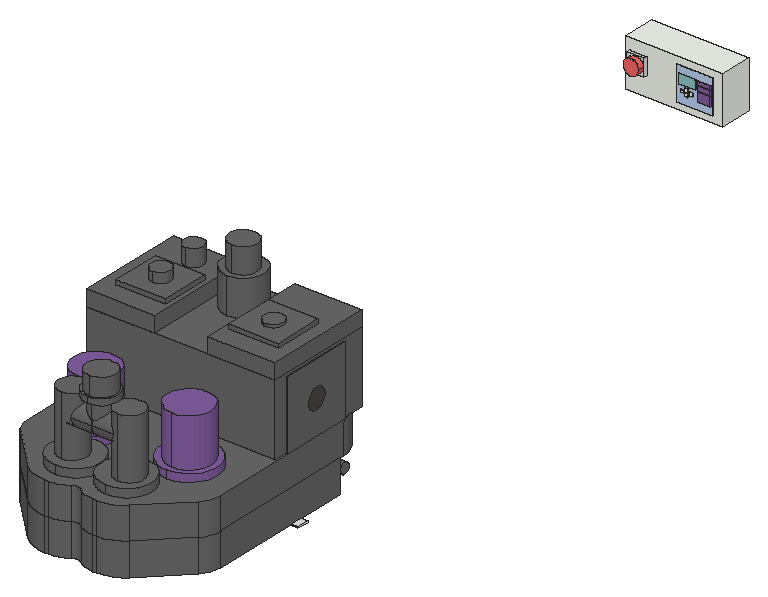
Revit family "11037", category Generic Models, Revit 2021
Family settings
  Can host rebar = No
  Round Connector Dimension = Use Diameter
  Part Type = Normal
  Work Plane-Based = No
  Always vertical = Yes
  Cut with Voids When Loaded = No
  Shared = Yes
  Room Calculation Point = No
Parameters (values of type "11037")
  SUPPLIER = "KESSEL"
  SA700ID49 = "Protection Class I"
  SA700ID48 = "no"
  SA700ID47 = "no"
  SA700ID46 = "yes"
  SA700ID37 = 16000 mm
  SA700ID34 = 47
  SA700ID33 = 3.2 W
  SA700ID32 = 97.13 kg
  SA700ID31 = 1
  SA700ID30 = 2
  SA700ID29 = "GLRD"
  SA700ID21 = 1600
  SA700ID10 = "yes"
  SA700ID08 = 400 V
  PROCUREWEBLINK = "https://p.caden.as/kessel/11037"
  PROCURELINK = "p.caden.as/kessel/11037"
  PROCUREDATALASTUPDATE = "2024-05-22T12:18:05.770128642+01:00"
  PREVIEW = "../../_pool_/61/62/11037.png"
  PRC_SPECIFICATIONLINK = "https://ausschreiben.de/catalog/kessel/catalogItem/79135bc2-da77-4fd2-ac0b-d2386241fa3b"
  NN = "Lifting station Aqualift F XL"
  NBSYN = "$SA810ID03."
  NB = "11037"
  Model = "11037"
  Manufacturer = "KESSEL"
  MIdent = "{$CADENAS_DATA/23d-libs/kessel/kessel_vdi_import/4/entwaesserung/hebeanlage20aqualift20f20xl.prj},201 {STYP=ASS},{VTYP=3D},{NB=11037},{LINA=11037},{NN=Lifting station Aqualift F XL},{DATE=21.11.2022 10:48:11},{GEOMDATE=21.11.2022 10:48:11},{VERSION=},{LINEID=120},{WBVAR=LODLEVEL},{WBNUMERIC=LODLEVEL}  {NB=11037},{LINA=11037},{KT=DUMMY},{PREVIEW=../../_pool_/61/62/11037.png},{SA700ID04=Hebeanlage Aqualift F XL 200 l, Duo, SPF 3000-S3},{SA810ID06=04026092057049},{SA700ID34=47.00},{SA010ID03=201805},{SA810ID03=11037},{SA810ID10=Die Hebeanlage für fäkalienhaltiges und fäkalienfreies Abwasser ist mit einer überflutbaren Pumpe sowie einem Rückflussverhinderer ausgestattet. Der Sammelbehälter aus dauerhaft beständigem Kunststoff (PE) bietet universale Anschlussmöglichkeiten und hat eine verschraubte Reinigungsöffnung.Die Steuerung erfolgt durch ein anwenderfreundliches Schaltgerät, das optional über einen potentialfreien Kontakt in die Gebäudeleittechnik eingebunden werden oder Alarm- und Sammelstörmeldungen über eine GSM-Schnittstelle (Comfort Schaltgerät) ausgeben kann.Ausführung:Absperreinrichtung: ohne SchieberAnlagenart: DoppelanlagePumpensteuerung: SchaltgerätRückflussverhinderer: integriertSchalldämmmatte: jaEinbausituation: freie AufstellungAbwasserart: fäkalienhaltigAllgemeine Merkmale:Farbe: schwarzNorm: EN 12050-1Abmessungen:Länge: 980 mmBreite: 760 mmHöhe: 788 mmBehälter/Grundkörper:Zulauf Anzahl: 1 STZulauf Nennweite (DN): 100 mmZulauf Nennweite (DA): 110 mmZulauf max. Anbohrung (DN): 200 mmAnschluss für Handmembranpumpe (DN): 32Behältervolumen: 200 lDruckabgang: senkrechtDruckabgang (DA): 110 mmDruckabgang (DN): 100 mmEntlüftungsanschluss (DN): 70 mmNutzvolumen: 120 lFördereinrichtung:Pumpe: SPF 3000Anzahl Pumpen: 2Förderhöhe max.: 16 mFörderleistung max.: 47 m3/hBetriebsart: S3 - 50 %Leistung P1: 3,2 kWLeistung P2: 2,7 kWDrehzahl: 2.845 U/minFörderguttemperatur (dauerhaft) max.: 40 °CAnschlusstyp: DirektanschlussGewicht: 24 kgLaufrad Typ: FreistromradLänge Netzanschlussleitung Pumpe: 5 mNennstrom: 5,4 ASchutzart Pumpe: IP 68 (3m/48h)Schutzklasse: ITyp Anschlussleitung Pumpe: H07RN-F 7G 1,5 mm2Temperaturüberwachung: integriertSteuerung:Schaltgerät: ComfortBetriebsspannung: 400 VNetzfrequenz: 50 HzSelbstdiagnosesystem (SDS): jaBatteriepufferung: jaMehrzeilige Displayanzeige: jaLogbuchfunktion: jaGSM-Schnittstelle: jaPotentialfreier Kontakt: jaErforderliche Absicherung (Leitungsschutz): 3 x C 20 AMotorschutz Schalter: jaSchutzart Schaltgerät: IP 54Länge Netzanschlussleitung Schaltgerät: 0 mArt Niveauerfassung: pneumatischInstrument Niveauerfassung: TauchrohrAlarmgeber: Tauchrohr},{SA700ID37=16.00},{SA700ID33=3.20},{SA700ID08=400},{SA700ID30=2},{SA700ID32=97.13},{SA700ID49=Schutzklasse I},{SA700ID50=intern},{SA200ID03=6},{SA250ID03=vertikal},{SA260ID03=Trockenläuferpumpe},{SA350ID03=normalansaugend},{SA400ID03=E-Motor für Drehstrom},{SA460ID03=direkt},{SA500ID03=Kunststoff, Edelstahl},{SA700ID06=100},{SA700ID07=100},{SA700ID09=3/N/PE 400V},{SA700ID10=Ja},{SA700ID11=50},{SA700ID12=IP 68},{SA700ID13=F},{SA700ID15=40},{SA700ID21=1600.00},{SA700ID22=2.70},{SA700ID23=2845},{SA700ID24=2845},{SA700ID26=5.40},{SA700ID27=41.00},{SA700ID28=durchgehend},{SA700ID29=GLRD},{SA700ID31=1},{SA700ID46=ja},{SA700ID47=nein},{SA700ID48=nein},{SA110ID04=Hebeanlage Aqualift F XL},{SA300ID03=einstufig},{SA700ID44=10.00},{SA700ID45=10.00},{SA010ID04=KESSEL AG},{LODLEVEL=200},{LINK=https://www.kessel.de/info?han=11037},{SA970ID01=970},{SA970ID02=7130},{SA970ID03=11037},{SA970ID04=11002617},{SA970ID05=QUAD},{SA970ID06=-410},{SA970ID07=-850},{SA970ID08=0},{SA970ID09=1},{SA970ID10=0},{SA970ID11=0},{SA970ID12=0},{SA970ID13=1},{SA970ID14=0},{SA970ID15=820},{SA970ID16=980},{SA970ID17=771},{LODLEVEL_=200,'Low'},{LODLEVEL_DEU=200,'Low'},{LINK_=https://www.kessel.de/info?han=11037},{LINK_DEU=https://www.kessel.de/info?han=11037},{LODLEVEL_3DB=11037_200},{DNIN1=100},{DNIN2=70},{DNIN4=10},{DNIN5=10},{DNIN6=50},{DNIN7=50},{DNIN8=50},{DNIN9=50},{DNOUT1=32},{DNOUT2=100},{DNOUT3=70},{ISD1=96},{ISD2=10},{ISDOUT1=40},{ISDOUT2=70},{ISDOUT3=65},{SA010ID01=010},{SA010ID02=4},{SA010ID06=www.kessel.de},{SA010ID07=www.kessel.de},{SA010ID12=20180713},{SA010ID13=DEU},{SA010ID14=DE},{SA100ID01=100},{SA100ID02=4},{SA100ID04=Entwässerung},{SA110ID01=110},{SA110ID02=6},{SA200ID01=200},{SA200ID02=6},{SA250ID01=250},{SA250ID02=2},{SA260ID01=260},{SA260ID02=2},{SA300ID01=300},{SA300ID02=1},{SA350ID01=350},{SA350ID02=1},{SA400ID01=400},{SA400ID02=2},{SA460ID01=460},{SA460ID02=1},{SA500ID01=500},{SA500ID02=1},{SA700ID01=700},{SA700ID02=50},{SA700ID10_=1},{SA700ID16=0},{SA700ID25=0},{SA700ID46_=1},{SA700ID47_=0},{SA700ID48_=0},{SA700ID49_=1},{SA700ID50_=2},{SA800ID01=800},{SA800ID02=14},{SA810ID01=810},{SA810ID02=50},{SA810ID04=11037},{SA810ID07=50},{SA810ID09=1},{SA810ID14=PCE},{SA810ID15=1},{SA810ID16=NMP},{SA960ID03=50},{SA960ID04=3L},{SA960ID08=https://www.kessel.de/info?han=11037},{SA010ID08=4026092000007},{SA100ID05=Hebeanlage},{SA110ID06=Hebeanlage}"
  LINK = "https://www.kessel.de/info?han=11037"
  LINA = "11037"
  Default Elevation = 0 mm
  CREATOR = "CADENAS GmbH"
  CATALOG = "KESSEL"
  BOMINFO = "LINA"
  ARTICLENO = "NB"
  4.810.00.9 Order quantity (multiplicator) = "1"
  4.810.00.7 Media- connection number = "50"
  4.810.00.6 GTIN number = "04026092057049"
  4.810.00.4 DATANORM number = "11037"
  4.810.00.3 Producer order number = "11037"
  4.710.03.7 Mass (net) = 97.13 kg
  4.710.03.6 Height = 788 mm
  4.710.03.5 Width = 760 mm
  4.710.03.4 Length = 980 mm
  4.710.03.3 Type of dimensions = "2"
  4.710.02.8 Area of application of wastewater pump = "1"
  4.710.02.7 Art des S2/S3-Betriebs = "50 %"
  4.710.02.6 Duty type = "S3"
  4.710.02.5 Cutting device = "0"
  4.710.02.4 Attached pump control = "1"
  4.710.02.3 Free passage = 40 mm
  4.710.01.6 Option to connect to building automation = "40"
  4.710.01.5 Load regulation = "0"
  4.710.01.4 Designation of closed-loop control = "120"
  4.710.01.3 Identifier for closed-loop control = "200"
  4.700.00.9 Voltage = 0
  4.700.00.8 Nominal connection size on suction side = "100"
  4.700.00.7 Nominal connection size on pressure side = "100"
  4.700.00.6 Type of connection = "100"
  4.700.00.4 Product indentification = "Hebeanlage Aqualift F XL 200 l, Duo, SPF 3000-S3"
  4.700.00.28 Motor pump shaft = "durchgehend"
  4.700.00.27 Starting current = 41
  4.700.00.26 Maximum power consumption per pump / drive = 5.4
  4.700.00.25 Minimum speed at internal speed adjustment = 0
  4.700.00.24 Nominal speed / maximum speed n = 47.4167
  4.700.00.23 Nominal speed of motor = 47.4167
  4.700.00.22 Maximum shaft output (P2) per pump/drive = 2.7 W
  4.700.00.16 Maximum temperature of pumped medium = 0 °C
  4.700.00.15 Increased safety class = "40 °C"
  4.700.00.13 Type of protection = "F"
  4.700.00.12 Frequency = 0
  4.700.00.11 Stern-/Dreieck-Anlaufschaltung bei Dreiphasenanschluss oder Drehstrom = "50 Hz"
  4.700.00.10 Phase = "1"
  4.500.00.3 Variant / Variant type / Accessories-name = "Kunststoff, Edelstahl"
  4.460.00.3 Variant / Variant type / Accessories-name = "direkt"
  4.400.00.3 Variant / Variant type / Accessories-name = "E-Motor für Drehstrom"
  4.350.00.3 Variant / Variant type / Accessories-name = "normalansaugend"
  4.300.00.3 Variant / Variant type / Accessories-name = "einstufig"
  4.260.00.3 Variant / Variant type / Accessories-name = "Trockenläuferpumpe"
  4.250.00.3 Variant / Variant type / Accessories-name = "vertikal"
  4.200.00.3 Variant / Variant type / Accessories-name = "6"
  4.110.00.6 Product classification = "Hebeanlage"
  4.110.00.4 Product indentification = "Hebeanlage Aqualift F XL"
  4.100.00.5 Main groups of wares = "Hebeanlage"
  4.100.00.4 Product indentification = "Entwässerung"
  4.010.00.8 Producer ID number = "4026092000007"
  4.010.00.7 Comment = "www.kessel.de"
  4.010.00.6 Web address of the manufacturer = "www.kessel.de"
  4.010.00.4 Manufacturer name = "KESSEL AG"
  4.010.00.3 Date of issuance (month) of guideline = "201805"
  4.010.00.2 Sheet number of the guideline = "4"
  4.010.00.14 Kennungen der Projektländer, für die die Datei gültig ist = "DE"
  4.010.00.13 Sprache der Datei = "DEU"
  4.010.00.12 Stand des Herstellerkatalogs = "20180713"
Reference planes
  plane 1 "Center (Front/Back)": y = 0
  plane 2: z = 0
  plane 3 "Center (Left/Right)": x = 0
Forms (mm)
  Extrusion 1, void
    sketch origin (380.5, -115, 392) x (0, -1, 0) y (0, 0, 1)
      loop
        line (-0.5, -0.5) -> (0.5, -0.5) -> (0.5, 0.5) -> (-0.5, 0.5) -> (-0.5, -0.5)
    from 0 to 1
  Extrusion 2, void
    sketch origin (160.15, 130.5, 392) x (1, 0, 0) y (0, 0, 1)
      loop
        line (-0.5, -0.5) -> (0.5, -0.5) -> (0.5, 0.5) -> (-0.5, 0.5) -> (-0.5, -0.5)
    from 0 to 1
  Extrusion 3, void
    sketch origin (-161, 130.5, 392) x (1, 0, 0) y (0, 0, 1)
      loop
        line (-0.5, -0.5) -> (0.5, -0.5) -> (0.5, 0.5) -> (-0.5, 0.5) -> (-0.5, -0.5)
    from 0 to 1
  Extrusion 4, void
    sketch origin (-380.5, -115, 392) x (0, 1, 0) y (0, 0, 1)
      loop
        line (-0.5, -0.5) -> (0.5, -0.5) -> (0.5, 0.5) -> (-0.5, 0.5) -> (-0.5, -0.5)
    from 0 to 1
Dimensions and locks
  locked: plane 2 to Extrusion 1 at 392.5
  locked: plane 2 to Extrusion 1 at 391.5
  locked: plane 2 to Extrusion 2 at 392.5
  locked: plane 2 to Extrusion 2 at 391.5
  locked: plane 2 to Extrusion 3 at 392.5
  locked: plane 2 to Extrusion 3 at 391.5
  locked: plane 2 to Extrusion 4 at 392.5
  locked: plane 2 to Extrusion 4 at 391.5
  aligned and locked: level to plane 2
Nested families
  nested 1: "11037_content" at (0, 0, 0), type "11037_Content"
  nested 2: "11037_part1_X0Y0" at (1000, 1000, 1200), type "11037_PART1_X0Y0"
  nested 3: "11037_part2_X0Y0" at (0, 0, 0), type "11037_PART2_X0Y0"
Connectors
  electrical at (861, 933, 1201.5)
    settings: on nested 2, index 1, voltage 0 V, apparent load 0 VA, apparent load phase1 0 VA, apparent load phase2 0 VA, apparent load phase3 0 VA, power factor 1, load classification "Other", number of poles 1, system type 31, power factor state 1, is connector primary yes, connector utility no, sub classification motor no, connector description ""
  piping at (0, 0, 771), diameter 100
    settings: on nested 3, index 2, connector inside diameter 609.6 mm, connector length 0 mm, flow factor 0, pipe flow 0.0 L/s, pressure drop 0.0 Pa, fitting loss kfactor 0, connector angle 0.00°, fixture units 0, engagement length 0 mm, angle of deflection 0.00°, flow configuration 0, flow direction 1, fitting loss method 2, system type 8, joint type 0, gender type 0, connector reference index -1, connector utility 0, adjustable connector no, is connector primary yes, connector description ""
  piping at (380.5, -115, 392), diameter 70
    settings: on Extrusion 1, index 3, connector inside diameter 609.6 mm, connector length 0 mm, flow factor 0, pipe flow 0.0 L/s, pressure drop 0.0 Pa, fitting loss kfactor 0, connector angle 0.00°, fixture units 0, engagement length 0 mm, angle of deflection 0.00°, flow configuration 0, flow direction 0, fitting loss method 2, system type 8, joint type 0, gender type 0, connector reference index -1, connector utility 0, adjustable connector no, is connector primary no, connector description ""
  piping at (160.15, 130.5, 392), diameter 70
    settings: on Extrusion 2, index 4, connector inside diameter 609.6 mm, connector length 0 mm, flow factor 0, pipe flow 0.0 L/s, pressure drop 0.0 Pa, fitting loss kfactor 0, connector angle 0.00°, fixture units 0, engagement length 0 mm, angle of deflection 0.00°, flow configuration 0, flow direction 0, fitting loss method 2, system type 8, joint type 0, gender type 0, connector reference index -1, connector utility 0, adjustable connector no, is connector primary no, connector description ""
  piping at (-161, 130.5, 392), diameter 70
    settings: on Extrusion 3, index 5, connector inside diameter 609.6 mm, connector length 0 mm, flow factor 0, pipe flow 0.0 L/s, pressure drop 0.0 Pa, fitting loss kfactor 0, connector angle 0.00°, fixture units 0, engagement length 0 mm, angle of deflection 0.00°, flow configuration 0, flow direction 0, fitting loss method 2, system type 8, joint type 0, gender type 0, connector reference index -1, connector utility 0, adjustable connector no, is connector primary no, connector description ""
  piping at (-380.5, -115, 392), diameter 70
    settings: on Extrusion 4, index 6, connector inside diameter 609.6 mm, connector length 0 mm, flow factor 0, pipe flow 0.0 L/s, pressure drop 0.0 Pa, fitting loss kfactor 0, connector angle 0.00°, fixture units 0, engagement length 0 mm, angle of deflection 0.00°, flow configuration 0, flow direction 0, fitting loss method 2, system type 8, joint type 0, gender type 0, connector reference index -1, connector utility 0, adjustable connector no, is connector primary no, connector description ""
  piping at (0, -700, 620), diameter 100
    settings: on nested 3, index 7, connector inside diameter 609.6 mm, connector length 0 mm, flow factor 0, pipe flow 0.0 L/s, pressure drop 0.0 Pa, fitting loss kfactor 0, connector angle 0.00°, fixture units 0, engagement length 0 mm, angle of deflection 0.00°, flow configuration 0, flow direction 2, fitting loss method 2, system type 7, joint type 0, gender type 0, connector reference index -1, connector utility 0, adjustable connector no, is connector primary no, connector description ""
  piping at (-225, 36, 661), diameter 70
    settings: on nested 3, index 8, connector inside diameter 609.6 mm, connector length 0 mm, flow factor 0, pipe flow 0.0 L/s, pressure drop 0.0 Pa, fitting loss kfactor 0, connector angle 0.00°, fixture units 0, engagement length 0 mm, angle of deflection 0.00°, flow configuration 0, flow direction 2, fitting loss method 2, system type 7, joint type 0, gender type 0, connector reference index -1, connector utility 0, adjustable connector no, is connector primary no, connector description ""
  piping at (354.5, 56, 60), diameter 32
    settings: on nested 3, index 9, connector inside diameter 609.6 mm, connector length 0 mm, flow factor 0, pipe flow 0.0 L/s, pressure drop 0.0 Pa, fitting loss kfactor 0, connector angle 0.00°, fixture units 0, engagement length 0 mm, angle of deflection 0.00°, flow configuration 0, flow direction 2, fitting loss method 2, system type 7, joint type 0, gender type 0, connector reference index -1, connector utility 0, adjustable connector no, is connector primary no, connector description ""
  electrical at (185, -497, 477)
    settings: on nested 3, index 10, voltage 0 V, apparent load 0 VA, apparent load phase1 0 VA, apparent load phase2 0 VA, apparent load phase3 0 VA, power factor 1, load classification "Other", number of poles 1, system type 31, power factor state 1, is connector primary no, connector utility no, sub classification motor no, connector description ""
  electrical at (-185, -496.75, 477)
    settings: on nested 3, index 11, voltage 0 V, apparent load 0 VA, apparent load phase1 0 VA, apparent load phase2 0 VA, apparent load phase3 0 VA, power factor 1, load classification "Other", number of poles 1, system type 31, power factor state 1, is connector primary no, connector utility no, sub classification motor no, connector description ""
  electrical at (-222.5, -129, 650)
    settings: on nested 3, index 12, voltage 0 V, apparent load 0 VA, apparent load phase1 0 VA, apparent load phase2 0 VA, apparent load phase3 0 VA, power factor 1, load classification "Other", number of poles 1, system type 31, power factor state 1, is connector primary no, connector utility no, sub classification motor no, connector description ""
Definition of nested family "11037_part1_X0Y0"
  Parameters (values of type "11037_PART1_X0Y0")
    SUPPLIER = "KESSEL"
    SA700ID49 = "Protection Class I"
    SA700ID48 = "no"
    SA700ID47 = "no"
    SA700ID46 = "yes"
    SA700ID37 = 16000 mm
    SA700ID34 = 47
    SA700ID33 = 3.2 W
    SA700ID32 = 97.13 kg
    SA700ID31 = 1
    SA700ID30 = 2
    SA700ID29 = "GLRD"
    SA700ID21 = 1600
    SA700ID10 = "yes"
    SA700ID08 = 400 V
    PREVIEW = "../../_pool_/61/62/11037.png"
    NBSYN = "$SA810ID03._PART1"
    NB = "11037_PART1"
    Model = "11037_PART1"
    Manufacturer = "KESSEL"
    MIdent = "{$CADENAS_DATA/23d-libs/kessel/kessel_vdi_import/4/entwaesserung/hebeanlage20aqualift20f20xl.prj},221 {VTYP=3D},{NB=11037_PART1},{LINA=11037_PART1},{NN=Lifting station Aqualift F XL_PART1},{NOPRJ=TRUE},{DATE=21.11.2022 10:48:11},{GEOMDATE=21.11.2022 10:48:11},{VERSION=},{LINEID=120},{WBVAR=LODLEVEL},{WBNUMERIC=LODLEVEL}  {NB=11037_PART1},{LINA=11037_PART1},{KT=DUMMY},{PREVIEW=../../_pool_/61/62/11037.png},{SA700ID04=Hebeanlage Aqualift F XL 200 l, Duo, SPF 3000-S3},{SA810ID06=04026092057049},{SA700ID34=47.00},{SA010ID03=201805},{SA810ID03=11037},{SA810ID10=Die Hebeanlage für fäkalienhaltiges und fäkalienfreies Abwasser ist mit einer überflutbaren Pumpe sowie einem Rückflussverhinderer ausgestattet. Der Sammelbehälter aus dauerhaft beständigem Kunststoff (PE) bietet universale Anschlussmöglichkeiten und hat eine verschraubte Reinigungsöffnung.Die Steuerung erfolgt durch ein anwenderfreundliches Schaltgerät, das optional über einen potentialfreien Kontakt in die Gebäudeleittechnik eingebunden werden oder Alarm- und Sammelstörmeldungen über eine GSM-Schnittstelle (Comfort Schaltgerät) ausgeben kann.Ausführung:Absperreinrichtung: ohne SchieberAnlagenart: DoppelanlagePumpensteuerung: SchaltgerätRückflussverhinderer: integriertSchalldämmmatte: jaEinbausituation: freie AufstellungAbwasserart: fäkalienhaltigAllgemeine Merkmale:Farbe: schwarzNorm: EN 12050-1Abmessungen:Länge: 980 mmBreite: 760 mmHöhe: 788 mmBehälter/Grundkörper:Zulauf Anzahl: 1 STZulauf Nennweite (DN): 100 mmZulauf Nennweite (DA): 110 mmZulauf max. Anbohrung (DN): 200 mmAnschluss für Handmembranpumpe (DN): 32Behältervolumen: 200 lDruckabgang: senkrechtDruckabgang (DA): 110 mmDruckabgang (DN): 100 mmEntlüftungsanschluss (DN): 70 mmNutzvolumen: 120 lFördereinrichtung:Pumpe: SPF 3000Anzahl Pumpen: 2Förderhöhe max.: 16 mFörderleistung max.: 47 m3/hBetriebsart: S3 - 50 %Leistung P1: 3,2 kWLeistung P2: 2,7 kWDrehzahl: 2.845 U/minFörderguttemperatur (dauerhaft) max.: 40 °CAnschlusstyp: DirektanschlussGewicht: 24 kgLaufrad Typ: FreistromradLänge Netzanschlussleitung Pumpe: 5 mNennstrom: 5,4 ASchutzart Pumpe: IP 68 (3m/48h)Schutzklasse: ITyp Anschlussleitung Pumpe: H07RN-F 7G 1,5 mm2Temperaturüberwachung: integriertSteuerung:Schaltgerät: ComfortBetriebsspannung: 400 VNetzfrequenz: 50 HzSelbstdiagnosesystem (SDS): jaBatteriepufferung: jaMehrzeilige Displayanzeige: jaLogbuchfunktion: jaGSM-Schnittstelle: jaPotentialfreier Kontakt: jaErforderliche Absicherung (Leitungsschutz): 3 x C 20 AMotorschutz Schalter: jaSchutzart Schaltgerät: IP 54Länge Netzanschlussleitung Schaltgerät: 0 mArt Niveauerfassung: pneumatischInstrument Niveauerfassung: TauchrohrAlarmgeber: Tauchrohr},{SA700ID37=16.00},{SA700ID33=3.20},{SA700ID08=400},{SA700ID30=2},{SA700ID32=97.13},{SA700ID49=Schutzklasse I},{SA700ID50=intern},{SA200ID03=6},{SA250ID03=vertikal},{SA260ID03=Trockenläuferpumpe},{SA350ID03=normalansaugend},{SA400ID03=E-Motor für Drehstrom},{SA460ID03=direkt},{SA500ID03=Kunststoff, Edelstahl},{SA700ID06=100},{SA700ID07=100},{SA700ID09=3/N/PE 400V},{SA700ID10=Ja},{SA700ID11=50},{SA700ID12=IP 68},{SA700ID13=F},{SA700ID15=40},{SA700ID21=1600.00},{SA700ID22=2.70},{SA700ID23=2845},{SA700ID24=2845},{SA700ID26=5.40},{SA700ID27=41.00},{SA700ID28=durchgehend},{SA700ID29=GLRD},{SA700ID31=1},{SA700ID46=ja},{SA700ID47=nein},{SA700ID48=nein},{SA110ID04=Hebeanlage Aqualift F XL},{SA300ID03=einstufig},{SA700ID44=10.00},{SA700ID45=10.00},{SA010ID04=KESSEL AG},{LODLEVEL=200},{LINK=https://www.kessel.de/info?han=11037},{SA970ID01=970},{SA970ID02=7130},{SA970ID03=11037},{SA970ID04=11002617},{SA970ID05=QUAD},{SA970ID06=-410},{SA970ID07=-850},{SA970ID08=0},{SA970ID09=1},{SA970ID10=0},{SA970ID11=0},{SA970ID12=0},{SA970ID13=1},{SA970ID14=0},{SA970ID15=820},{SA970ID16=980},{SA970ID17=771},{LODLEVEL_=200,'Low'},{LODLEVEL_DEU=200,'Low'},{LINK_=https://www.kessel.de/info?han=11037},{LINK_DEU=https://www.kessel.de/info?han=11037},{LODLEVEL_3DB=11037_200},{DNIN1=100},{DNIN2=70},{DNIN4=10},{DNIN5=10},{DNIN6=50},{DNIN7=50},{DNIN8=50},{DNIN9=50},{DNOUT1=32},{DNOUT2=100},{DNOUT3=70},{ISD1=96},{ISD2=10},{ISDOUT1=40},{ISDOUT2=70},{ISDOUT3=65},{SA010ID01=010},{SA010ID02=4},{SA010ID06=www.kessel.de},{SA010ID07=www.kessel.de},{SA010ID12=20180713},{SA010ID13=DEU},{SA010ID14=DE},{SA100ID01=100},{SA100ID02=4},{SA100ID04=Entwässerung},{SA110ID01=110},{SA110ID02=6},{SA200ID01=200},{SA200ID02=6},{SA250ID01=250},{SA250ID02=2},{SA260ID01=260},{SA260ID02=2},{SA300ID01=300},{SA300ID02=1},{SA350ID01=350},{SA350ID02=1},{SA400ID01=400},{SA400ID02=2},{SA460ID01=460},{SA460ID02=1},{SA500ID01=500},{SA500ID02=1},{SA700ID01=700},{SA700ID02=50},{SA700ID10_=1},{SA700ID16=0},{SA700ID25=0},{SA700ID46_=1},{SA700ID47_=0},{SA700ID48_=0},{SA700ID49_=1},{SA700ID50_=2},{SA800ID01=800},{SA800ID02=14},{SA810ID01=810},{SA810ID02=50},{SA810ID04=11037},{SA810ID07=50},{SA810ID09=1},{SA810ID14=PCE},{SA810ID15=1},{SA810ID16=NMP},{SA960ID03=50},{SA960ID04=3L},{SA960ID08=https://www.kessel.de/info?han=11037},{SA010ID08=4026092000007},{SA100ID05=Hebeanlage},{SA110ID06=Hebeanlage}"
    LINK = "https://www.kessel.de/info?han=11037"
    LINA = "11037_PART1"
    Default Elevation = 1219.2 mm
    CREATOR = "CADENAS GmbH"
    CATALOG = "KESSEL"
    BOMINFO = "LINA"
    ARTICLENO = "NB"
    4.810.00.9 Order quantity (multiplicator) = "1"
    4.810.00.7 Media- connection number = "50"
    4.810.00.6 GTIN number = "04026092057049"
    4.810.00.4 DATANORM number = "11037"
    4.810.00.3 Producer order number = "11037"
    4.710.03.7 Mass (net) = 97.13 kg
    4.710.03.6 Height = 788 mm
    4.710.03.5 Width = 760 mm
    4.710.03.4 Length = 980 mm
    4.710.03.3 Type of dimensions = "2"
    4.710.02.8 Area of application of wastewater pump = "1"
    4.710.02.7 Art des S2/S3-Betriebs = "50 %"
    4.710.02.6 Duty type = "S3"
    4.710.02.5 Cutting device = "0"
    4.710.02.4 Attached pump control = "1"
    4.710.02.3 Free passage = 40 mm
    4.710.01.6 Option to connect to building automation = "40"
    4.710.01.5 Load regulation = "0"
    4.710.01.4 Designation of closed-loop control = "120"
    4.710.01.3 Identifier for closed-loop control = "200"
    4.700.00.9 Voltage = 0
    4.700.00.8 Nominal connection size on suction side = "100"
    4.700.00.7 Nominal connection size on pressure side = "100"
    4.700.00.6 Type of connection = "100"
    4.700.00.4 Product indentification = "Hebeanlage Aqualift F XL 200 l, Duo, SPF 3000-S3"
    4.700.00.28 Motor pump shaft = "durchgehend"
    4.700.00.27 Starting current = 41
    4.700.00.26 Maximum power consumption per pump / drive = 5.4
    4.700.00.25 Minimum speed at internal speed adjustment = 0
    4.700.00.24 Nominal speed / maximum speed n = 47.4167
    4.700.00.23 Nominal speed of motor = 47.4167
    4.700.00.22 Maximum shaft output (P2) per pump/drive = 2.7 W
    4.700.00.16 Maximum temperature of pumped medium = 0 °C
    4.700.00.15 Increased safety class = "40 °C"
    4.700.00.13 Type of protection = "F"
    4.700.00.12 Frequency = 0
    4.700.00.11 Stern-/Dreieck-Anlaufschaltung bei Dreiphasenanschluss oder Drehstrom = "50 Hz"
    4.700.00.10 Phase = "1"
    4.500.00.3 Variant / Variant type / Accessories-name = "Kunststoff, Edelstahl"
    4.460.00.3 Variant / Variant type / Accessories-name = "direkt"
    4.400.00.3 Variant / Variant type / Accessories-name = "E-Motor für Drehstrom"
    4.350.00.3 Variant / Variant type / Accessories-name = "normalansaugend"
    4.300.00.3 Variant / Variant type / Accessories-name = "einstufig"
    4.260.00.3 Variant / Variant type / Accessories-name = "Trockenläuferpumpe"
    4.250.00.3 Variant / Variant type / Accessories-name = "vertikal"
    4.200.00.3 Variant / Variant type / Accessories-name = "6"
    4.110.00.6 Product classification = "Hebeanlage"
    4.110.00.4 Product indentification = "Hebeanlage Aqualift F XL"
    4.100.00.5 Main groups of wares = "Hebeanlage"
    4.100.00.4 Product indentification = "Entwässerung"
    4.010.00.8 Producer ID number = "4026092000007"
    4.010.00.7 Comment = "www.kessel.de"
    4.010.00.6 Web address of the manufacturer = "www.kessel.de"
    4.010.00.4 Manufacturer name = "KESSEL AG"
    4.010.00.3 Date of issuance (month) of guideline = "201805"
    4.010.00.2 Sheet number of the guideline = "4"
    4.010.00.14 Kennungen der Projektländer, für die die Datei gültig ist = "DE"
    4.010.00.13 Sprache der Datei = "DEU"
    4.010.00.12 Stand des Herstellerkatalogs = "20180713"
  Reference planes
    plane 1 "Center (Front/Back)": y = 0
    plane 2: z = 0
    plane 3 "Center (Left/Right)": x = 0
  Dimensions and locks
    aligned and locked: level to plane 2
  Nested families
    nested 1: "11037_part1_content" at (0, 0, 0), type "11037_PART1_Content"
  Definition of nested family "11037_part1_content"
    Parameters (values of type "11037_PART1_Content")
      SUPPLIER = "KESSEL"
      SA700ID49 = "Protection Class I"
      SA700ID48 = "no"
      SA700ID47 = "no"
      SA700ID46 = "yes"
      SA700ID37 = 16000 mm
      SA700ID34 = 47
      SA700ID33 = 3.2 W
      SA700ID32 = 97.13 kg
      SA700ID31 = 1
      SA700ID30 = 2
      SA700ID29 = "GLRD"
      SA700ID21 = 1600
      SA700ID10 = "yes"
      SA700ID08 = 400 V
      PREVIEW = "../../_pool_/61/62/11037.png"
      NBSYN = "$SA810ID03._PART1"
      NB = "11037_PART1"
      Model = "11037_PART1"
      Manufacturer = "KESSEL"
      LINK = "https://www.kessel.de/info?han=11037"
      LINA = "11037_PART1"
      Default Elevation = 1219.2 mm
      CREATOR = "CADENAS GmbH"
      CATALOG = "KESSEL"
      BOMINFO = "LINA"
      ARTICLENO = "NB"
      4.810.00.9 Order quantity (multiplicator) = "1"
      4.810.00.7 Media- connection number = "50"
      4.810.00.6 GTIN number = "04026092057049"
      4.810.00.4 DATANORM number = "11037"
      4.810.00.3 Producer order number = "11037"
      4.710.03.7 Mass (net) = 97.13 kg
      4.710.03.6 Height = 788 mm
      4.710.03.5 Width = 760 mm
      4.710.03.4 Length = 980 mm
      4.710.03.3 Type of dimensions = "2"
      4.710.02.8 Area of application of wastewater pump = "1"
      4.710.02.7 Art des S2/S3-Betriebs = "50 %"
      4.710.02.6 Duty type = "S3"
      4.710.02.5 Cutting device = "0"
      4.710.02.4 Attached pump control = "1"
      4.710.02.3 Free passage = 40 mm
      4.710.01.6 Option to connect to building automation = "40"
      4.710.01.5 Load regulation = "0"
      4.710.01.4 Designation of closed-loop control = "120"
      4.710.01.3 Identifier for closed-loop control = "200"
      4.700.00.9 Voltage = 0
      4.700.00.8 Nominal connection size on suction side = "100"
      4.700.00.7 Nominal connection size on pressure side = "100"
      4.700.00.6 Type of connection = "100"
      4.700.00.4 Product indentification = "Hebeanlage Aqualift F XL 200 l, Duo, SPF 3000-S3"
      4.700.00.28 Motor pump shaft = "durchgehend"
      4.700.00.27 Starting current = 41
      4.700.00.26 Maximum power consumption per pump / drive = 5.4
      4.700.00.25 Minimum speed at internal speed adjustment = 0
      4.700.00.24 Nominal speed / maximum speed n = 47.4167
      4.700.00.23 Nominal speed of motor = 47.4167
      4.700.00.22 Maximum shaft output (P2) per pump/drive = 2.7 W
      4.700.00.16 Maximum temperature of pumped medium = 0 °C
      4.700.00.15 Increased safety class = "40 °C"
      4.700.00.13 Type of protection = "F"
      4.700.00.12 Frequency = 0
      4.700.00.11 Stern-/Dreieck-Anlaufschaltung bei Dreiphasenanschluss oder Drehstrom = "50 Hz"
      4.700.00.10 Phase = "1"
      4.500.00.3 Variant / Variant type / Accessories-name = "Kunststoff, Edelstahl"
      4.460.00.3 Variant / Variant type / Accessories-name = "direkt"
      4.400.00.3 Variant / Variant type / Accessories-name = "E-Motor für Drehstrom"
      4.350.00.3 Variant / Variant type / Accessories-name = "normalansaugend"
      4.300.00.3 Variant / Variant type / Accessories-name = "einstufig"
      4.260.00.3 Variant / Variant type / Accessories-name = "Trockenläuferpumpe"
      4.250.00.3 Variant / Variant type / Accessories-name = "vertikal"
      4.200.00.3 Variant / Variant type / Accessories-name = "6"
      4.110.00.6 Product classification = "Hebeanlage"
      4.110.00.4 Product indentification = "Hebeanlage Aqualift F XL"
      4.100.00.5 Main groups of wares = "Hebeanlage"
      4.100.00.4 Product indentification = "Entwässerung"
      4.010.00.8 Producer ID number = "4026092000007"
      4.010.00.7 Comment = "www.kessel.de"
      4.010.00.6 Web address of the manufacturer = "www.kessel.de"
      4.010.00.4 Manufacturer name = "KESSEL AG"
      4.010.00.3 Date of issuance (month) of guideline = "201805"
      4.010.00.2 Sheet number of the guideline = "4"
      4.010.00.14 Kennungen der Projektländer, für die die Datei gültig ist = "DE"
      4.010.00.13 Sprache der Datei = "DEU"
      4.010.00.12 Stand des Herstellerkatalogs = "20180713"
    Reference planes
      plane 1 "Center (Front/Back)": y = 0
      plane 2: z = 0
      plane 3 "Center (Left/Right)": x = 0
    Forms (mm)
      Extrusion 1, solid, detail levels medium+fine
        sketch origin (189.25, -1.75, 0.2) x (0, -1, 0) y (0, 0, 1)
          loop
            line (0, 187.8) -> (0, 0) -> (127.75, 0) -> (127.75, 187.8) -> (0, 187.8)
        from 0 to 378.5
      Extrusion 2, solid, detail levels medium+fine
        sketch origin (-4, -67, 0) x (0, 1, 0) y (-1, 0, 0)
          loop
            circle (0, 0) r 12.5
        from 0 to 1.5
      Extrusion 3, solid, detail levels medium+fine
        sketch origin (150.8, -129.5, 26.5) x (0, -1, 0) y (0, 0, 1)
          loop
            line (-1.2, 134.8) -> (-1.2, 0) -> (0.25, 0) -> (0.25, 134.8) -> (-1.2, 134.8)
        from 0 to 139.9
      Extrusion 4, solid, detail levels medium+fine
        sketch origin (72.55, -129.75, 66) x (0, -1, 0) y (0, 0, 1)
          loop
            line (-1, 12) -> (-1, 0) -> (0.5, 0) -> (0.5, 12) -> (-1, 12)
        from 0 to 12
      Extrusion 5, solid, detail levels medium+fine
        sketch origin (84.45, -129.75, 93.4) x (0, -1, 0) y (0, 0, 1)
          loop
            line (-1, 37) -> (-1, 0) -> (0.5, 0) -> (0.5, 37) -> (-1, 37)
        from 0 to 66
      Extrusion 6, solid, detail levels medium+fine
        sketch origin (55.3, -129.75, 74) x (0, -1, 0) y (0, 0, 1)
          loop
            line (-1, 12) -> (-1, 0) -> (0.5, 0) -> (0.5, 12) -> (-1, 12)
        from 0 to 12
      Extrusion 7, solid, detail levels medium+fine
        sketch origin (143.3, -129.75, 94.4) x (0, -1, 0) y (0, 0, 1)
          loop
            line (0, 16) -> (0, 0) -> (1.75, 0) -> (1.75, 16) -> (0, 16)
        from 0 to 51
      Extrusion 8, solid, detail levels medium+fine
        sketch origin (143.3, -129.75, 54.4) x (0, -1, 0) y (0, 0, 1)
          loop
            line (0, 36) -> (0, 0) -> (1.75, 0) -> (1.75, 36) -> (0, 36)
        from 0 to 51
      Extrusion 9, solid, detail levels medium+fine
        sketch origin (55.3, -129.75, 57.5) x (0, -1, 0) y (0, 0, 1)
          loop
            line (-1, 12) -> (-1, 0) -> (0.5, 0) -> (0.5, 12) -> (-1, 12)
        from 0 to 12
      Extrusion 10, solid, detail levels medium+fine
        sketch origin (143.3, -129.75, 114.4) x (0, -1, 0) y (0, 0, 1)
          loop
            line (0, 16) -> (0, 0) -> (1.75, 0) -> (1.75, 16) -> (0, 16)
        from 0 to 51
      Extrusion 11, solid, detail levels medium+fine
        sketch origin (38.05, -129.75, 66) x (0, -1, 0) y (0, 0, 1)
          loop
            line (-1, 12) -> (-1, 0) -> (0.5, 0) -> (0.5, 12) -> (-1, 12)
        from 0 to 12
      Extrusion 12, solid, detail levels medium+fine
        sketch origin (47, -72, 0) x (0, 1, 0) y (-1, 0, 0)
          loop
            circle (0, 0) r 8
        from 0 to 1.5
      Extrusion 13, solid, detail levels medium+fine
        sketch origin (47, -42, 0) x (0, 1, 0) y (-1, 0, 0)
          loop
            circle (0, 0) r 5.25
        from 0 to 1.5
      Extrusion 14, solid, detail levels medium+fine
        sketch origin (77, -72, 0) x (0, 1, 0) y (-1, 0, 0)
          loop
            circle (0, 0) r 8
        from 0 to 1.5
      Extrusion 15, solid, detail levels medium+fine
        sketch origin (-94, -67, 0) x (0, 1, 0) y (-1, 0, 0)
          loop
            circle (0, 0) r 12.5
        from 0 to 1.5
      Extrusion 16, solid, detail levels medium+fine
        sketch origin (92, -42, 0) x (0, 1, 0) y (-1, 0, 0)
          loop
            circle (0, 0) r 8
        from 0 to 1.5
      Extrusion 17, solid, detail levels medium+fine
        sketch origin (107, -72, 0) x (0, 1, 0) y (-1, 0, 0)
          loop
            circle (0, 0) r 8
        from 0 to 1.5
      Extrusion 18, solid, detail levels medium+fine
        sketch origin (122, -42, 0) x (0, 1, 0) y (-1, 0, 0)
          loop
            circle (0, 0) r 8
        from 0 to 1.5
      Extrusion 19, solid, detail levels medium+fine
        sketch origin (-107.7, -129.5, 76.9) x (0, -1, 0) y (0, 0, 1)
          loop
            line (0, 67) -> (0, 0) -> (14, 0) -> (14, 67) -> (0, 67)
        from 0 to 67
      Extrusion 20, solid, detail levels medium+fine
        sketch origin (-141.2, -143.5, 110.4) x (1, 0, 0) y (0, 0, 1)
          loop
            circle (0, 0) r 30
        from 0 to 22
      Extrusion 21, solid, detail levels medium+fine
        sketch origin (127, -15, 0) x (0, 1, 0) y (-1, 0, 0)
          loop
            circle (0, 0) r 6
        from 0 to 1.5
      Extrusion 22, solid, detail levels medium+fine
        sketch origin (137, -72, 0) x (0, 1, 0) y (-1, 0, 0)
          loop
            circle (0, 0) r 8
        from 0 to 1.5
      Extrusion 23, solid, detail levels medium+fine
        sketch origin (-139, -67, 0) x (0, 1, 0) y (-1, 0, 0)
          loop
            circle (0, 0) r 12.5
        from 0 to 1.5
      Extrusion 24, solid, detail levels medium+fine
        sketch origin (152, -42, 0) x (0, 1, 0) y (-1, 0, 0)
          loop
            circle (0, 0) r 8
        from 0 to 1.5
      Extrusion 25, solid, detail levels coarse
        sketch origin (0, -83.625, 0) x (1, 0, 0) y (0, 1, 0)
          loop
            line (-189.25, -81.875) -> (189.25, -81.875) -> (189.25, 81.875) -> (-189.25, 81.875) -> (-189.25, -81.875)
        from 0 to 188
    Dimensions and locks
      aligned and locked: level to plane 2
Definition of nested family "11037_part2_X0Y0"
  Parameters (values of type "11037_PART2_X0Y0")
    SUPPLIER = "KESSEL"
    SA700ID49 = "Protection Class I"
    SA700ID48 = "no"
    SA700ID47 = "no"
    SA700ID46 = "yes"
    SA700ID37 = 16000 mm
    SA700ID34 = 47
    SA700ID33 = 3.2 W
    SA700ID32 = 97.13 kg
    SA700ID31 = 1
    SA700ID30 = 2
    SA700ID29 = "GLRD"
    SA700ID21 = 1600
    SA700ID10 = "yes"
    SA700ID08 = 400 V
    PREVIEW = "../../_pool_/61/62/11037.png"
    NBSYN = "$SA810ID03._PART2"
    NB = "11037_PART2"
    Model = "11037_PART2"
    Manufacturer = "KESSEL"
    MIdent = "{$CADENAS_DATA/23d-libs/kessel/kessel_vdi_import/4/entwaesserung/hebeanlage20aqualift20f20xl.prj},221 {VTYP=3D},{NB=11037_PART2},{LINA=11037_PART2},{NN=Lifting station Aqualift F XL_PART2},{NOPRJ=TRUE},{DATE=21.11.2022 10:48:11},{GEOMDATE=21.11.2022 10:48:11},{VERSION=},{LINEID=120},{WBVAR=LODLEVEL},{WBNUMERIC=LODLEVEL}  {NB=11037_PART2},{LINA=11037_PART2},{KT=DUMMY},{PREVIEW=../../_pool_/61/62/11037.png},{SA700ID04=Hebeanlage Aqualift F XL 200 l, Duo, SPF 3000-S3},{SA810ID06=04026092057049},{SA700ID34=47.00},{SA010ID03=201805},{SA810ID03=11037},{SA810ID10=Die Hebeanlage für fäkalienhaltiges und fäkalienfreies Abwasser ist mit einer überflutbaren Pumpe sowie einem Rückflussverhinderer ausgestattet. Der Sammelbehälter aus dauerhaft beständigem Kunststoff (PE) bietet universale Anschlussmöglichkeiten und hat eine verschraubte Reinigungsöffnung.Die Steuerung erfolgt durch ein anwenderfreundliches Schaltgerät, das optional über einen potentialfreien Kontakt in die Gebäudeleittechnik eingebunden werden oder Alarm- und Sammelstörmeldungen über eine GSM-Schnittstelle (Comfort Schaltgerät) ausgeben kann.Ausführung:Absperreinrichtung: ohne SchieberAnlagenart: DoppelanlagePumpensteuerung: SchaltgerätRückflussverhinderer: integriertSchalldämmmatte: jaEinbausituation: freie AufstellungAbwasserart: fäkalienhaltigAllgemeine Merkmale:Farbe: schwarzNorm: EN 12050-1Abmessungen:Länge: 980 mmBreite: 760 mmHöhe: 788 mmBehälter/Grundkörper:Zulauf Anzahl: 1 STZulauf Nennweite (DN): 100 mmZulauf Nennweite (DA): 110 mmZulauf max. Anbohrung (DN): 200 mmAnschluss für Handmembranpumpe (DN): 32Behältervolumen: 200 lDruckabgang: senkrechtDruckabgang (DA): 110 mmDruckabgang (DN): 100 mmEntlüftungsanschluss (DN): 70 mmNutzvolumen: 120 lFördereinrichtung:Pumpe: SPF 3000Anzahl Pumpen: 2Förderhöhe max.: 16 mFörderleistung max.: 47 m3/hBetriebsart: S3 - 50 %Leistung P1: 3,2 kWLeistung P2: 2,7 kWDrehzahl: 2.845 U/minFörderguttemperatur (dauerhaft) max.: 40 °CAnschlusstyp: DirektanschlussGewicht: 24 kgLaufrad Typ: FreistromradLänge Netzanschlussleitung Pumpe: 5 mNennstrom: 5,4 ASchutzart Pumpe: IP 68 (3m/48h)Schutzklasse: ITyp Anschlussleitung Pumpe: H07RN-F 7G 1,5 mm2Temperaturüberwachung: integriertSteuerung:Schaltgerät: ComfortBetriebsspannung: 400 VNetzfrequenz: 50 HzSelbstdiagnosesystem (SDS): jaBatteriepufferung: jaMehrzeilige Displayanzeige: jaLogbuchfunktion: jaGSM-Schnittstelle: jaPotentialfreier Kontakt: jaErforderliche Absicherung (Leitungsschutz): 3 x C 20 AMotorschutz Schalter: jaSchutzart Schaltgerät: IP 54Länge Netzanschlussleitung Schaltgerät: 0 mArt Niveauerfassung: pneumatischInstrument Niveauerfassung: TauchrohrAlarmgeber: Tauchrohr},{SA700ID37=16.00},{SA700ID33=3.20},{SA700ID08=400},{SA700ID30=2},{SA700ID32=97.13},{SA700ID49=Schutzklasse I},{SA700ID50=intern},{SA200ID03=6},{SA250ID03=vertikal},{SA260ID03=Trockenläuferpumpe},{SA350ID03=normalansaugend},{SA400ID03=E-Motor für Drehstrom},{SA460ID03=direkt},{SA500ID03=Kunststoff, Edelstahl},{SA700ID06=100},{SA700ID07=100},{SA700ID09=3/N/PE 400V},{SA700ID10=Ja},{SA700ID11=50},{SA700ID12=IP 68},{SA700ID13=F},{SA700ID15=40},{SA700ID21=1600.00},{SA700ID22=2.70},{SA700ID23=2845},{SA700ID24=2845},{SA700ID26=5.40},{SA700ID27=41.00},{SA700ID28=durchgehend},{SA700ID29=GLRD},{SA700ID31=1},{SA700ID46=ja},{SA700ID47=nein},{SA700ID48=nein},{SA110ID04=Hebeanlage Aqualift F XL},{SA300ID03=einstufig},{SA700ID44=10.00},{SA700ID45=10.00},{SA010ID04=KESSEL AG},{LODLEVEL=200},{LINK=https://www.kessel.de/info?han=11037},{SA970ID01=970},{SA970ID02=7130},{SA970ID03=11037},{SA970ID04=11002617},{SA970ID05=QUAD},{SA970ID06=-410},{SA970ID07=-850},{SA970ID08=0},{SA970ID09=1},{SA970ID10=0},{SA970ID11=0},{SA970ID12=0},{SA970ID13=1},{SA970ID14=0},{SA970ID15=820},{SA970ID16=980},{SA970ID17=771},{LODLEVEL_=200,'Low'},{LODLEVEL_DEU=200,'Low'},{LINK_=https://www.kessel.de/info?han=11037},{LINK_DEU=https://www.kessel.de/info?han=11037},{LODLEVEL_3DB=11037_200},{DNIN1=100},{DNIN2=70},{DNIN4=10},{DNIN5=10},{DNIN6=50},{DNIN7=50},{DNIN8=50},{DNIN9=50},{DNOUT1=32},{DNOUT2=100},{DNOUT3=70},{ISD1=96},{ISD2=10},{ISDOUT1=40},{ISDOUT2=70},{ISDOUT3=65},{SA010ID01=010},{SA010ID02=4},{SA010ID06=www.kessel.de},{SA010ID07=www.kessel.de},{SA010ID12=20180713},{SA010ID13=DEU},{SA010ID14=DE},{SA100ID01=100},{SA100ID02=4},{SA100ID04=Entwässerung},{SA110ID01=110},{SA110ID02=6},{SA200ID01=200},{SA200ID02=6},{SA250ID01=250},{SA250ID02=2},{SA260ID01=260},{SA260ID02=2},{SA300ID01=300},{SA300ID02=1},{SA350ID01=350},{SA350ID02=1},{SA400ID01=400},{SA400ID02=2},{SA460ID01=460},{SA460ID02=1},{SA500ID01=500},{SA500ID02=1},{SA700ID01=700},{SA700ID02=50},{SA700ID10_=1},{SA700ID16=0},{SA700ID25=0},{SA700ID46_=1},{SA700ID47_=0},{SA700ID48_=0},{SA700ID49_=1},{SA700ID50_=2},{SA800ID01=800},{SA800ID02=14},{SA810ID01=810},{SA810ID02=50},{SA810ID04=11037},{SA810ID07=50},{SA810ID09=1},{SA810ID14=PCE},{SA810ID15=1},{SA810ID16=NMP},{SA960ID03=50},{SA960ID04=3L},{SA960ID08=https://www.kessel.de/info?han=11037},{SA010ID08=4026092000007},{SA100ID05=Hebeanlage},{SA110ID06=Hebeanlage}"
    LINK = "https://www.kessel.de/info?han=11037"
    LINA = "11037_PART2"
    Default Elevation = 1219.2 mm
    CREATOR = "CADENAS GmbH"
    CATALOG = "KESSEL"
    BOMINFO = "LINA"
    ARTICLENO = "NB"
    4.810.00.9 Order quantity (multiplicator) = "1"
    4.810.00.7 Media- connection number = "50"
    4.810.00.6 GTIN number = "04026092057049"
    4.810.00.4 DATANORM number = "11037"
    4.810.00.3 Producer order number = "11037"
    4.710.03.7 Mass (net) = 97.13 kg
    4.710.03.6 Height = 788 mm
    4.710.03.5 Width = 760 mm
    4.710.03.4 Length = 980 mm
    4.710.03.3 Type of dimensions = "2"
    4.710.02.8 Area of application of wastewater pump = "1"
    4.710.02.7 Art des S2/S3-Betriebs = "50 %"
    4.710.02.6 Duty type = "S3"
    4.710.02.5 Cutting device = "0"
    4.710.02.4 Attached pump control = "1"
    4.710.02.3 Free passage = 40 mm
    4.710.01.6 Option to connect to building automation = "40"
    4.710.01.5 Load regulation = "0"
    4.710.01.4 Designation of closed-loop control = "120"
    4.710.01.3 Identifier for closed-loop control = "200"
    4.700.00.9 Voltage = 0
    4.700.00.8 Nominal connection size on suction side = "100"
    4.700.00.7 Nominal connection size on pressure side = "100"
    4.700.00.6 Type of connection = "100"
    4.700.00.4 Product indentification = "Hebeanlage Aqualift F XL 200 l, Duo, SPF 3000-S3"
    4.700.00.28 Motor pump shaft = "durchgehend"
    4.700.00.27 Starting current = 41
    4.700.00.26 Maximum power consumption per pump / drive = 5.4
    4.700.00.25 Minimum speed at internal speed adjustment = 0
    4.700.00.24 Nominal speed / maximum speed n = 47.4167
    4.700.00.23 Nominal speed of motor = 47.4167
    4.700.00.22 Maximum shaft output (P2) per pump/drive = 2.7 W
    4.700.00.16 Maximum temperature of pumped medium = 0 °C
    4.700.00.15 Increased safety class = "40 °C"
    4.700.00.13 Type of protection = "F"
    4.700.00.12 Frequency = 0
    4.700.00.11 Stern-/Dreieck-Anlaufschaltung bei Dreiphasenanschluss oder Drehstrom = "50 Hz"
    4.700.00.10 Phase = "1"
    4.500.00.3 Variant / Variant type / Accessories-name = "Kunststoff, Edelstahl"
    4.460.00.3 Variant / Variant type / Accessories-name = "direkt"
    4.400.00.3 Variant / Variant type / Accessories-name = "E-Motor für Drehstrom"
    4.350.00.3 Variant / Variant type / Accessories-name = "normalansaugend"
    4.300.00.3 Variant / Variant type / Accessories-name = "einstufig"
    4.260.00.3 Variant / Variant type / Accessories-name = "Trockenläuferpumpe"
    4.250.00.3 Variant / Variant type / Accessories-name = "vertikal"
    4.200.00.3 Variant / Variant type / Accessories-name = "6"
    4.110.00.6 Product classification = "Hebeanlage"
    4.110.00.4 Product indentification = "Hebeanlage Aqualift F XL"
    4.100.00.5 Main groups of wares = "Hebeanlage"
    4.100.00.4 Product indentification = "Entwässerung"
    4.010.00.8 Producer ID number = "4026092000007"
    4.010.00.7 Comment = "www.kessel.de"
    4.010.00.6 Web address of the manufacturer = "www.kessel.de"
    4.010.00.4 Manufacturer name = "KESSEL AG"
    4.010.00.3 Date of issuance (month) of guideline = "201805"
    4.010.00.2 Sheet number of the guideline = "4"
    4.010.00.14 Kennungen der Projektländer, für die die Datei gültig ist = "DE"
    4.010.00.13 Sprache der Datei = "DEU"
    4.010.00.12 Stand des Herstellerkatalogs = "20180713"
  Reference planes
    plane 1 "Center (Front/Back)": y = 0
    plane 2: z = 0
    plane 3 "Center (Left/Right)": x = 0
  Dimensions and locks
    aligned and locked: level to plane 2
  Nested families
    nested 1: "11037_part2_content" at (0, 0, 0), type "11037_PART2_Content"
  Definition of nested family "11037_part2_content"
    Parameters (values of type "11037_PART2_Content")
      SUPPLIER = "KESSEL"
      SA700ID49 = "Protection Class I"
      SA700ID48 = "no"
      SA700ID47 = "no"
      SA700ID46 = "yes"
      SA700ID37 = 16000 mm
      SA700ID34 = 47
      SA700ID33 = 3.2 W
      SA700ID32 = 97.13 kg
      SA700ID31 = 1
      SA700ID30 = 2
      SA700ID29 = "GLRD"
      SA700ID21 = 1600
      SA700ID10 = "yes"
      SA700ID08 = 400 V
      PREVIEW = "../../_pool_/61/62/11037.png"
      NBSYN = "$SA810ID03._PART2"
      NB = "11037_PART2"
      Model = "11037_PART2"
      Manufacturer = "KESSEL"
      LINK = "https://www.kessel.de/info?han=11037"
      LINA = "11037_PART2"
      Default Elevation = 1219.2 mm
      CREATOR = "CADENAS GmbH"
      CATALOG = "KESSEL"
      BOMINFO = "LINA"
      ARTICLENO = "NB"
      4.810.00.9 Order quantity (multiplicator) = "1"
      4.810.00.7 Media- connection number = "50"
      4.810.00.6 GTIN number = "04026092057049"
      4.810.00.4 DATANORM number = "11037"
      4.810.00.3 Producer order number = "11037"
      4.710.03.7 Mass (net) = 97.13 kg
      4.710.03.6 Height = 788 mm
      4.710.03.5 Width = 760 mm
      4.710.03.4 Length = 980 mm
      4.710.03.3 Type of dimensions = "2"
      4.710.02.8 Area of application of wastewater pump = "1"
      4.710.02.7 Art des S2/S3-Betriebs = "50 %"
      4.710.02.6 Duty type = "S3"
      4.710.02.5 Cutting device = "0"
      4.710.02.4 Attached pump control = "1"
      4.710.02.3 Free passage = 40 mm
      4.710.01.6 Option to connect to building automation = "40"
      4.710.01.5 Load regulation = "0"
      4.710.01.4 Designation of closed-loop control = "120"
      4.710.01.3 Identifier for closed-loop control = "200"
      4.700.00.9 Voltage = 0
      4.700.00.8 Nominal connection size on suction side = "100"
      4.700.00.7 Nominal connection size on pressure side = "100"
      4.700.00.6 Type of connection = "100"
      4.700.00.4 Product indentification = "Hebeanlage Aqualift F XL 200 l, Duo, SPF 3000-S3"
      4.700.00.28 Motor pump shaft = "durchgehend"
      4.700.00.27 Starting current = 41
      4.700.00.26 Maximum power consumption per pump / drive = 5.4
      4.700.00.25 Minimum speed at internal speed adjustment = 0
      4.700.00.24 Nominal speed / maximum speed n = 47.4167
      4.700.00.23 Nominal speed of motor = 47.4167
      4.700.00.22 Maximum shaft output (P2) per pump/drive = 2.7 W
      4.700.00.16 Maximum temperature of pumped medium = 0 °C
      4.700.00.15 Increased safety class = "40 °C"
      4.700.00.13 Type of protection = "F"
      4.700.00.12 Frequency = 0
      4.700.00.11 Stern-/Dreieck-Anlaufschaltung bei Dreiphasenanschluss oder Drehstrom = "50 Hz"
      4.700.00.10 Phase = "1"
      4.500.00.3 Variant / Variant type / Accessories-name = "Kunststoff, Edelstahl"
      4.460.00.3 Variant / Variant type / Accessories-name = "direkt"
      4.400.00.3 Variant / Variant type / Accessories-name = "E-Motor für Drehstrom"
      4.350.00.3 Variant / Variant type / Accessories-name = "normalansaugend"
      4.300.00.3 Variant / Variant type / Accessories-name = "einstufig"
      4.260.00.3 Variant / Variant type / Accessories-name = "Trockenläuferpumpe"
      4.250.00.3 Variant / Variant type / Accessories-name = "vertikal"
      4.200.00.3 Variant / Variant type / Accessories-name = "6"
      4.110.00.6 Product classification = "Hebeanlage"
      4.110.00.4 Product indentification = "Hebeanlage Aqualift F XL"
      4.100.00.5 Main groups of wares = "Hebeanlage"
      4.100.00.4 Product indentification = "Entwässerung"
      4.010.00.8 Producer ID number = "4026092000007"
      4.010.00.7 Comment = "www.kessel.de"
      4.010.00.6 Web address of the manufacturer = "www.kessel.de"
      4.010.00.4 Manufacturer name = "KESSEL AG"
      4.010.00.3 Date of issuance (month) of guideline = "201805"
      4.010.00.2 Sheet number of the guideline = "4"
      4.010.00.14 Kennungen der Projektländer, für die die Datei gültig ist = "DE"
      4.010.00.13 Sprache der Datei = "DEU"
      4.010.00.12 Stand des Herstellerkatalogs = "20180713"
    Reference planes
      plane 1 "Center (Front/Back)": y = 0
      plane 2: z = 0
      plane 3 "Center (Left/Right)": x = 0
    Forms (mm)
      Extrusion 1, solid, detail levels medium+fine
        sketch origin (0, -700, 130.5) x (1, 0, 0) y (0, 1, 0)
          loop
            arc (-379.67, 111.11) -> (-372.064, 72.826) -> (-350.38, 40.37) r 99.994
            line (-350.38, 40.37) -> (-201.01, -108.99)
            arc (-201.01, -108.99) -> (-155.599, -139.342) -> (-102.029, -150) r 139.954
            line (-102.029, -150) -> (-87.172, -150)
            arc (-87.172, -150) -> (-50.741, -143.793) -> (-18.421, -125.871) r 110.009
            arc (-18.421, -125.871) -> (0.33, -119.29) -> (19.081, -125.871) r 30.004
            arc (19.081, -125.871) -> (51.401, -143.793) -> (87.832, -150) r 110.009
            line (87.832, -150) -> (102.68, -150)
            arc (102.68, -150) -> (156.256, -139.343) -> (201.675, -108.995) r 140
            line (201.675, -108.995) -> (351.043, 40.373)
            arc (351.043, 40.373) -> (372.718, 72.813) -> (380.33, 111.079) r 99.994
            line (380.33, 111.079) -> (380.33, 721.05)
            arc (380.33, 721.05) -> (355.602, 786.915) -> (293.62, 820.2) r 100.014
            line (293.62, 820.2) -> (-292.95, 820.2)
            arc (-292.95, 820.2) -> (-354.938, 786.918) -> (-379.67, 721.05) r 100.011
            line (-379.67, 721.05) -> (-379.67, 111.11)
        from 0 to 125.5
      Extrusion 2, solid, detail levels medium+fine
        sketch origin (0, -700, 1) x (1, 0, 0) y (0, 1, 0)
          loop
            arc (-379.67, 111.11) -> (-372.064, 72.826) -> (-350.38, 40.37) r 99.994
            line (-350.38, 40.37) -> (-201.01, -108.99)
            arc (-201.01, -108.99) -> (-155.599, -139.342) -> (-102.029, -150) r 139.954
            line (-102.029, -150) -> (-87.172, -150)
            arc (-87.172, -150) -> (-50.741, -143.793) -> (-18.421, -125.871) r 110.009
            arc (-18.421, -125.871) -> (0.33, -119.29) -> (19.081, -125.871) r 30.004
            arc (19.081, -125.871) -> (51.401, -143.793) -> (87.832, -150) r 110.009
            line (87.832, -150) -> (102.68, -150)
            arc (102.68, -150) -> (156.256, -139.343) -> (201.675, -108.995) r 140
            line (201.675, -108.995) -> (351.043, 40.373)
            arc (351.043, 40.373) -> (372.718, 72.813) -> (380.33, 111.079) r 99.994
            line (380.33, 111.079) -> (380.33, 699.2) -> (271, 699.2) -> (271, 820.2) -> (-292.95, 820.2)
            arc (-292.95, 820.2) -> (-354.938, 786.918) -> (-379.67, 721.05) r 100.011
            line (-379.67, 721.05) -> (-379.67, 111.11)
        from 0 to 129.5
      Extrusion 3, solid, detail levels medium+fine
        sketch origin (185, -497, 256) x (0, 1, 0) y (-1, 0, 0)
          loop
            circle (0, 0) r 110
        from 0 to 30
      Extrusion 4, solid, detail levels medium+fine
        sketch origin (185, -497, 286) x (0, 1, 0) y (-1, 0, 0)
          loop
            circle (0, 0) r 86
        from 0 to 191
      Extrusion 5, solid, detail levels medium+fine
        sketch origin (100, -700, 256) x (0, 1, 0) y (-1, 0, 0)
          loop
            circle (0, 0) r 100
        from 0 to 32
      Extrusion 6, solid, detail levels medium+fine
        sketch origin (112, -700, 288) x (0, 1, 0) y (-1, 0, 0)
          loop
            circle (0, 0) r 56
        from 0 to 234
      Extrusion 7, solid, detail levels medium+fine
        sketch origin (0, -700, 440) x (0, 1, 0) y (0, 0, 1)
          loop
            circle (0, 0) r 48.5
        from 0 to 112
      Extrusion 8, solid, detail levels medium+fine
        sketch origin (0, -700, 440) x (0, 1, 0) y (-1, 0, 0)
          loop
            circle (0, 0) r 45
        from 0 to 87
      Extrusion 9, solid, detail levels medium+fine
        sketch origin (0, -700, 527) x (0, 1, 0) y (-1, 0, 0)
          loop
            circle (0, 0) r 67
        from 0 to 23
      Extrusion 10, solid, detail levels medium+fine
        sketch origin (0, -700, 550) x (0, 1, 0) y (-1, 0, 0)
          loop
            circle (0, 0) r 57
        from 0 to 70
      Extrusion 11, solid, detail levels medium+fine
        sketch origin (0, -700, 440) x (0, -1, 0) y (0, 0, 1)
          loop
            circle (0, 0) r 48.5
        from 0 to 112
      Extrusion 12, solid, detail levels medium+fine
        sketch origin (-112, -700, 288) x (0, -1, 0) y (1, 0, 0)
          loop
            circle (0, 0) r 56
        from 0 to 234
      Extrusion 13, solid, detail levels medium+fine
        sketch origin (-100, -700, 255) x (0, -1, 0) y (1, 0, 0)
          loop
            circle (0, 0) r 100.1
        from 0 to 33
      Extrusion 14, solid, detail levels medium+fine
        sketch origin (-185, -496.75, 256) x (0, 1, 0) y (-1, 0, 0)
          loop
            circle (0, 0) r 110
        from 0 to 30
      Extrusion 15, solid, detail levels medium+fine
        sketch origin (-185, -496.75, 286) x (0, 1, 0) y (-1, 0, 0)
          loop
            circle (0, 0) r 86
        from 0 to 191
      Extrusion 16, solid, detail levels medium+fine
        sketch origin (-370, -305.8, 256) x (0, 1, 0) y (0, 0, 1)
          loop
            line (0, 279) -> (0, 0) -> (425.8, 0) -> (425.8, 279) -> (0, 279)
        from 0 to 740
      Extrusion 17, solid, detail levels medium+fine
        sketch origin (0, 0, 535) x (0, 1, 0) y (-1, 0, 0)
          loop
            circle (0, 0) r 80
        from 0 to 140
      Extrusion 18, solid, detail levels medium+fine
        sketch origin (0, 0, 675) x (0, 1, 0) y (-1, 0, 0)
          loop
            circle (0, 0) r 55
        from 0 to 96
      Extrusion 19, solid, detail levels medium+fine
        sketch origin (19.12, 120, 161) x (0, 1, 0) y (0, 0, 1)
          loop
            line (0, 366.75) -> (0, 0) -> (10, 0) -> (10, 366.75) -> (0, 366.75)
        from 0 to 281.75
      Extrusion 20, solid, detail levels medium+fine
        sketch origin (160.15, 129, 392) x (1, 0, 0) y (0, 0, -1)
          loop
            circle (0, 0) r 40
        from 0 to 1.6
      Extrusion 21, solid, detail levels medium+fine
        sketch origin (-300.88, 120, 161) x (0, 1, 0) y (0, 0, 1)
          loop
            line (0, 366.75) -> (0, 0) -> (10, 0) -> (10, 366.75) -> (0, 366.75)
        from 0 to 281.75
      Extrusion 22, solid, detail levels medium+fine
        sketch origin (-161, 129, 392) x (1, 0, 0) y (0, 0, -1)
          loop
            circle (0, 0) r 40
        from 0 to 1.6
      Extrusion 23, solid, detail levels medium+fine
        sketch origin (-370, -305.8, 535) x (0, 1, 0) y (0, 0, 1)
          loop
            line (0, 61) -> (0, 0) -> (425.8, 0) -> (425.8, 61) -> (0, 61)
        from 0 to 265
      Extrusion 24, solid, detail levels medium+fine
        sketch origin (-320, -226.5, 596) x (0, 1, 0) y (0, 0, 1)
          loop
            line (0, 17) -> (0, 0) -> (195, 0) -> (195, 17) -> (0, 17)
        from 0 to 195
      Extrusion 25, solid, detail levels medium+fine
        sketch origin (-222.5, -129, 613) x (0, 1, 0) y (-1, 0, 0)
          loop
            circle (0, 0) r 38
        from 0 to 37
      Extrusion 26, solid, detail levels medium+fine
        sketch origin (-225, 36, 596) x (0, 1, 0) y (-1, 0, 0)
          loop
            circle (0, 0) r 37.5
        from 0 to 65
      Extrusion 27, solid, detail levels medium+fine
        sketch origin (105, -305.8, 535) x (0, 1, 0) y (0, 0, 1)
          loop
            line (0, 61) -> (0, 0) -> (425.8, 0) -> (425.8, 61) -> (0, 61)
        from 0 to 265
      Extrusion 28, solid, detail levels medium+fine
        sketch origin (125, -226.5, 596) x (0, 1, 0) y (0, 0, 1)
          loop
            line (0, 17) -> (0, 0) -> (195, 0) -> (195, 17) -> (0, 17)
        from 0 to 195
      Extrusion 29, solid, detail levels medium+fine
        sketch origin (222.5, -129, 613) x (0, 1, 0) y (-1, 0, 0)
          loop
            circle (0, 0) r 38
        from 0 to 10
      Extrusion 30, solid, detail levels medium+fine
        sketch origin (369.97, -255.75, 256) x (0, 1, 0) y (0, 0, 1)
          loop
            line (0, 271.75) -> (0, 0) -> (281.75, 0) -> (281.75, 271.75) -> (0, 271.75)
        from 0 to 10
      Extrusion 31, solid, detail levels medium+fine
        sketch origin (379, -115, 392) x (0, -1, 0) y (0, 0, -1)
          loop
            circle (0, 0) r 40
        from 0 to 1.6
      Extrusion 32, solid, detail levels medium+fine
        sketch origin (-379.97, -255.75, 256) x (0, 1, 0) y (0, 0, 1)
          loop
            line (0, 271.75) -> (0, 0) -> (281.75, 0) -> (281.75, 271.75) -> (0, 271.75)
        from 0 to 10
      Extrusion 33, solid, detail levels medium+fine
        sketch origin (-379, -115, 392) x (0, 1, 0) y (0, 0, -1)
          loop
            circle (0, 0) r 40
        from 0 to 1.6
      Extrusion 34, solid, detail levels medium+fine
        sketch origin (379.5, -242.5, 0) x (0, 1, 0) y (0, 0, 1)
          loop
            line (0, 5) -> (0, 0) -> (45, 0) -> (45, 5) -> (0, 5)
        from 0 to 30.5
      Extrusion 35, solid, detail levels medium+fine
        sketch origin (-410, -242.5, 0) x (0, 1, 0) y (0, 0, 1)
          loop
            line (0, 5) -> (0, 0) -> (45, 0) -> (45, 5) -> (0, 5)
        from 0 to 30.5
      Extrusion 36, solid, detail levels medium+fine
        sketch origin (271, 56, 60) x (0, 1, 0) y (0, 0, 1)
          loop
            circle (0, 0) r 20
        from 0 to 83.5
      Extrusion 37, solid, detail levels coarse
        sketch origin (0, -359.7, 0) x (1, 0, 0) y (0, 1, 0)
          loop
            line (-410, -490.3) -> (410, -490.3) -> (410, 490.3) -> (-410, 490.3) -> (-410, -490.3)
        from 0 to 771
    Dimensions and locks
      aligned and locked: level to plane 2
